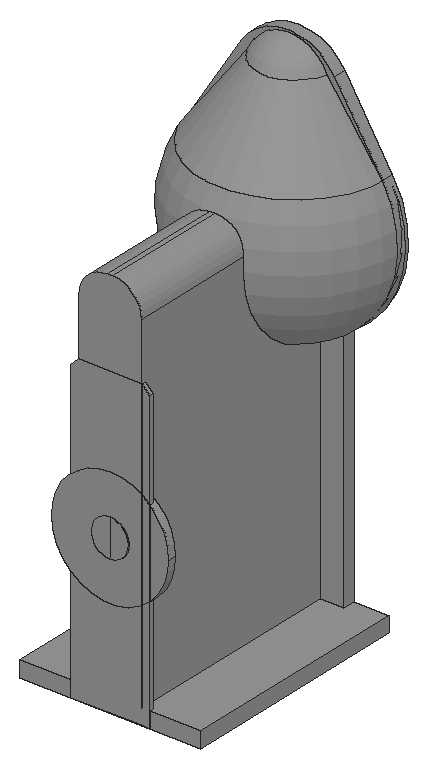
Revit family "Toilet-Willoughby-ETF-1490-FM-10-FA-TS", category Plumbing Fixtures, Revit 2015
Parameters (values of type "Standard")
  Waste DIA = 2 3/8"
  Waste Connection = yes
  W-RAD [instance] = Waste DIA / 2  # 0' - 1 3/16"
  Vent Connection = no
  URL = "https://www.willoughby-ind.com/wp-content/uploads/2018/01/ETF-1490-FM-FA.pdf"
  Type Comments = ""
  Revision = "A"
  Model = "ETF-1490-FM-FA-10-TS"
  Manufacturer = "Willoughby Industries"
  HW Connection = no
  Flush inlet DIA = 1 1/2"
  Fixture Body = Stainless Steel AISI 304-Willoughby
  F-RAD [instance] = Flush inlet DIA / 2  # 0' - 0 3/4"
  Description = "Floor Outlet, Floor Mounted Toilet, Front Access, With 10\" Rough In, Top Spud"
  Default Elevation = 0' - 0"
  Contact Number = "(800) 428-4065"
  CW Connection = yes
Reference planes (in)
  plane 1 "Base": y = -16.25
  plane 2: z = 0
  plane 3 "Center": x = 18.31072
  plane 4 "Waste height": y = -4.75
  plane 5: y = -1.25
  plane 6: z = -6.75
  plane 7: y = -2.125
  plane 8: y = -14.0625
  plane 9: y = 0.5
  plane 10: x = 16.56072
  plane 11: x = 20.06072
  plane 12: x = 11.56072
  plane 13: x = 25.06072
  plane 14: z = 23
  plane 15: z = 30.75
  plane 16: x = 15.81072
  plane 17: x = 20.81072
  plane 18: x = 16.31072
  plane 19: x = 20.31072
  plane 20: z = 12
  plane 21: x = 12.56072
  plane 22: x = 24.06072
  plane 23: z = 2.75
  plane 24: z = 32.75
Forms (in)
  Extrusion 1, solid, material "Stainless Steel AISI 304-Willoughby" <- "Fixture Body"
    sketch origin (16.08109, 7.47968, -0.20225) x (-1, 0, 0) y (0, 0, -1)
      loop
        line (1.29775, -16.80087) -> (1.29775, -1.20225) -> (-5.72963, -1.20225) -> (-5.72963, -16.81676)
        arc (-5.72963, -16.81676) -> (-8.98136, -21.11843) -> (-8.21015, -26.45542) r 7
        line (-8.21015, -26.45542) -> (-5.16818, -31.31054)
        arc (-5.16818, -31.31054) -> (-2.20225, -32.95225) -> (0.76368, -31.31054) r 3.5
        line (0.76368, -31.31054) -> (3.80565, -26.45542)
        arc (3.80565, -26.45542) -> (4.5729, -21.10311) -> (1.29775, -16.80087) r 7
      loop
        arc (2.03989, -24.70557) -> (-2.20225, -18.23804) -> (-6.44438, -24.70557) r 4.625
        line (-6.44438, -24.70557) -> (-4.04125, -30.23842)
        arc (-4.04125, -30.23842) -> (-2.20225, -31.45225) -> (-0.36324, -30.23842) r 2
        line (-0.36324, -30.23842) -> (2.03989, -24.70557)
    from 8.72968 to 9.5
  Revolve 2, solid, material "Stainless Steel AISI 304-Willoughby" <- "Fixture Body"
    sketch origin (19.37246, -1.52032, 3.00169) x (-1, 0, 0) y (0, 0, -1)
      loop
        line (1.06174, -12.59906) -> (1.06174, -12.84906)
        arc (1.06174, -12.84906) -> (7.03046, -17.88333) -> (5.08904, -25.44643) r 7.34171
        line (5.08904, -25.44643) -> (3.31535, -27.91457)
        arc (3.31535, -27.91457) -> (2.42192, -29.02159) -> (1.06174, -29.43826) r 2.42844
        line (1.06174, -29.43826) -> (1.06174, -29.68826)
        arc (1.06174, -29.68826) -> (2.54295, -29.2403) -> (3.52767, -28.04656) r 2.67283
        line (3.52767, -28.04656) -> (7.06964, -23.19143)
        arc (7.06964, -23.19143) -> (7.15052, -16.14555) -> (1.06174, -12.59906) r 7
      axis (1.06174, -12.59906) -> (1.06174, -29.68826)
    angle from 0 to -180
  Extrusion 3, solid, material "Stainless Steel AISI 304-Willoughby" <- "Fixture Body"
    sketch origin (19.53334, -3.02032, -2.9508) x (0, 1, 0) y (0, 0, 1)
      loop
        line (-4.42257, 3.9508) -> (1.02643, 3.9508) -> (1.02643, 18.97156)
        arc (1.02643, 18.97156) -> (-2.31062, 20.32275) -> (-4.42257, 23.23845) r 6.52287
        line (-4.42257, 23.23845) -> (-4.42257, 3.9508)
    from 0.77738 to -3.22262
  Extrusion 4, solid, material "Stainless Steel AISI 304-Willoughby" <- "Fixture Body"
    sketch origin (0, -16.25, 0) x (1, 0, 0) y (0, 0, 1)
      loop
        line (24.06072, 0) -> (24.06072, 1) -> (12.56072, 1) -> (12.56072, 0) -> (24.06072, 0)
    from -15 to 0
  Extrusion 5, solid, material "Stainless Steel AISI 304-Willoughby" <- "Fixture Body"
    sketch origin (0, -16.25, 2) x (1, 0, 0) y (0, 0, 1)
      loop
        line (20.31072, -1) -> (20.31072, 21.16116)
        arc (20.31072, 21.16116) -> (19.77214, 22.46142) -> (18.47188, 23) r 1.83884
        line (18.47188, 23) -> (18.15461, 23)
        arc (18.15461, 23) -> (16.85078, 22.45994) -> (16.31072, 21.15611) r 1.84389
        line (16.31072, 21.15611) -> (16.31072, -1) -> (20.31072, -1)
    from 0 to -8.80711
  Revolve 6, solid, material "Stainless Steel AISI 304-Willoughby" <- "Fixture Body"
    sketch origin (18.31072, 0, -2) x (0, 1, 0) y (0, 0, 1)
      loop
        line (-16.26028, 12) -> (-14.75, 12) -> (-14.75, 13.1875) -> (-16.26028, 13.1875) -> (-16.26028, 12)
      axis (-14.75, 12) -> (-16.26028, 12)
    angle from 0 to 360
  Revolve 7, solid, material "Stainless Steel AISI 304-Willoughby" <- "Fixture Body"
    sketch origin (18.31072, 0, 0) x (0, 1, 0) y (0, 0, 1)
      loop
        line (-1.25384, 2.75) -> (-1.25384, 3.5) -> (-3, 3.5) -> (-3, 2.75) -> (-1.25384, 2.75)
      axis (-1.25384, 2.75) -> (-3, 2.75)
    angle from 0 to 360
  Extrusion 8, solid, material "Stainless Steel AISI 304-Willoughby" <- "Fixture Body"
    sketch origin (0, -16.25, 9.25) x (1, 0, 0) y (0, 0, 1)
      loop
        circle (18.31072, 0.75) r 3.75
    from 0 to -0.5
  Extrusion 9, solid, material "Stainless Steel AISI 304-Willoughby" <- "Fixture Body"
    sketch origin (0, -16.25, 0) x (1, 0, 0) y (0, 0, 1)
      loop
        line (20.31072, 0) -> (20.81072, 0) -> (20.81072, 19) -> (20.31072, 19.5) -> (16.31072, 19.5) -> (15.81072, 19) -> (15.81072, 17) -> (15.81072, 0) -> (16.31072, 0) -> (20.31072, 0)
    from 0 to -0.25
Cuts and joins
  joined: Extrusion 1, Extrusion 3, Extrusion 4, Extrusion 5
Lines and regions (in)
  symbolic lines
    curve 1: line (24.06072, -16.25, 0) -> (12.56072, -16.25, 0)
    curve 2: line (11.28334, -2.02032, 0) -> (11.28334, -1.25, 0)
    curve 3: line (11.28334, -1.25, 0) -> (25.28334, -1.25, 0)
    curve 4: arc (25.28334, -1.25, 0) -> (23.34562, -6.3737, 0) -> (18.31072, -8.53165, 0) r 6.99765
    curve 5: arc (18.31072, -8.53165, 0) -> (13.53626, -6.63668, 0) -> (11.28334, -2.02032, 0) r 7.11223
    curve 6: line (12.56072, -5.52262, 0) -> (12.56072, -16.25, 0)
    curve 7: line (24.06072, -5.49416, 0) -> (24.06072, -16.25, 0)
    curve 8: line (20.31072, -8.234, 0) -> (20.31072, -16.25, 0)
    curve 9: line (16.31072, -8.2272, 0) -> (16.31072, -16.25, 0)
    curve 10: line (14.56072, -16.25, 0) -> (14.56072, -15.75, 0)
    curve 11: line (14.56072, -15.75, 0) -> (16.31072, -15.75, 0)
    curve 12: line (22.06072, -16.25, 0) -> (22.06072, -15.75, 0)
    curve 13: line (22.06072, -15.75, 0) -> (20.31072, -15.75, 0)
    curve 14: line (12.56072, -16.25, 0) -> (24.06072, -16.25, 0)
    curve 15: line (24.06072, -16.25, 0) -> (24.06072, -16.25, 1)
    curve 16: line (24.06072, -16.25, 1) -> (21.81072, -16.25, 1)
    curve 17: line (21.81072, -16.25, 1) -> (21.81072, -16.25, 16.61451)
    curve 18: arc (21.81072, -16.25, 16.61451) -> (25.08188, -16.25, 20.87566) -> (24.31862, -16.25, 26.19312) r 6.91969
    curve 19: line (24.31862, -16.25, 26.19312) -> (21.25205, -16.25, 31.10385)
    curve 20: arc (21.25205, -16.25, 31.10385) -> (18.28334, -16.25, 32.75) -> (15.31463, -16.25, 31.10385) r 3.5
    curve 21: line (15.31463, -16.25, 31.10385) -> (12.35249, -16.25, 26.379)
    curve 22: arc (12.35249, -16.25, 26.379) -> (11.49002, -16.25, 20.97236) -> (14.78334, -16.25, 16.59862) r 7
    curve 23: line (14.78334, -16.25, 16.59862) -> (14.78334, -16.25, 1)
    curve 24: line (14.78334, -16.25, 1) -> (12.56072, -16.25, 1)
    curve 25: line (12.56072, -16.25, 1) -> (12.56072, -16.25, 0)
    curve 31: line (18.31072, -16.23457, 0) -> (18.31072, -1.25, 0)
    curve 32: line (18.31072, -1.25, 0) -> (18.31072, -1.25, 32.75)
    curve 33: line (18.31072, -1.25, 32.75) -> (18.31072, -2.02032, 32.75)
    curve 34: arc (18.31072, -2.02032, 32.75) -> (18.31072, -3.17945, 32.10263) -> (18.31072, -3.98625, 31.04824) r 3.27434
    curve 35: line (18.31072, -3.98625, 31.04824) -> (18.31072, -7.52822, 26.19312)
    curve 36: arc (18.31072, -7.52822, 26.19312) -> (18.31072, -7.83175, 25.60913) -> (18.31072, -8.084, 25.00124) r 7.65783
    curve 37: line (18.31072, -8.084, 25.00124) -> (18.31072, -16.23457, 25.00124)
    curve 38: line (18.31072, -16.23457, 25.00124) -> (18.31072, -16.23457, 0)
    curve 39: line (18.31072, -16.23457, 1) -> (18.31072, -2.02032, 1)
    curve 40: line (18.31072, -2.02032, 1) -> (18.31072, -2.02032, 16.59862)
    curve 41: line (18.31072, -2.02032, 16.59862) -> (18.31072, -1.25, 16.59862)
    curve 42: arc (18.31072, -2.02032, 15.94665) -> (18.31072, -5.64926, 17.34255) -> (18.31072, -7.88162, 20.52599) r 6.66441
    curve 43: arc (18.31072, -7.88162, 20.52599) -> (18.31072, -8.16455, 21.74767) -> (18.31072, -8.22932, 23) r 7.13765
    curve 44: arc (18.31072, -8.22932, 23) -> (18.31072, -8.17477, 24.00193) -> (18.31072, -8.084, 25.00124) r 27.72439
    curve 45: arc (21.81072, -16.25, 13.3537) -> (22.06101, -16.25, 12.0037) -> (21.81072, -16.25, 10.65371) r 3.76582
  symbolic lines, detail levels fine
    curve 26: arc (14.78334, -16.25, 13.27282) -> (14.56072, -16.25, 12) -> (14.78334, -16.25, 10.72718) r 3.75
    curve 27: arc (22.52547, -16.25, 24.50332) -> (18.28334, -16.25, 18.0358) -> (14.0412, -16.25, 24.50332) r 4.625
    curve 28: line (14.0412, -16.25, 24.50332) -> (16.44433, -16.25, 30.03617)
    curve 29: arc (16.44433, -16.25, 30.03617) -> (18.28334, -16.25, 31.2424) -> (20.12234, -16.25, 30.03617) r 2.00498
    curve 30: line (20.12234, -16.25, 30.03617) -> (22.52547, -16.25, 24.50332)
Dimensions and locks (in)
  plane 1 "Base" to plane 5 = 1' - 3"
  level to plane 15 = 2' - 6 3/4"
  locked: plane 21 to plane 22 at 11.5
  plane 21 to plane 22 = 0' - 11 1/2"
  plane 13 to plane 22 = 0' - 1"
  level to plane 20 = 1' - 0"
  plane 21 to plane 3 "Center" = 0' - 5 3/4"
  level to plane 23 = 0' - 2 3/4"
  plane 18 to plane 19 = 0' - 4"
  plane 18 to plane 3 "Center" to plane 19 = 0' - 2", 0' - 2"
  plane 15 to level = 2' - 6 3/4"
  plane 20 to level = 1' - 0"
Connectors (in)
  piping at (18.31072, -16.26028, 10), diameter 2.375, driven by "W-RAD", driven by "Waste Connection"
    settings: on Revolve 6, index 4, connector inside diameter 24", connector length 0' - 0", flow factor 0, pipe flow 1.6 GPM, pressure drop 0.00 psi, fitting loss kfactor 0, connector angle 0.00°, fixture units 0, engagement length 0' - 0", angle of deflection 0.00°, flow configuration 0, flow direction 2, fitting loss method 0, system type 16, joint type 0, gender type 0, connector reference index -1, connector utility 1, adjustable connector no, is connector primary yes, connector description "Toilet Waste"
  piping at (18.31072, -1.25384, 2.75), diameter 1.5, driven by "F-RAD", driven by "CW Connection"
    settings: on Revolve 7, index 5, connector inside diameter 24", connector length 0' - 0", flow factor 0, pipe flow 0 GPM, pressure drop 0.00 psi, fitting loss kfactor 0, connector angle 0.00°, fixture units 0, engagement length 0' - 0", angle of deflection 0.00°, flow configuration 0, flow direction 1, fitting loss method 0, system type 20, joint type 0, gender type 0, connector reference index -1, connector utility 1, adjustable connector no, is connector primary no, connector description "Flush Inlet"
